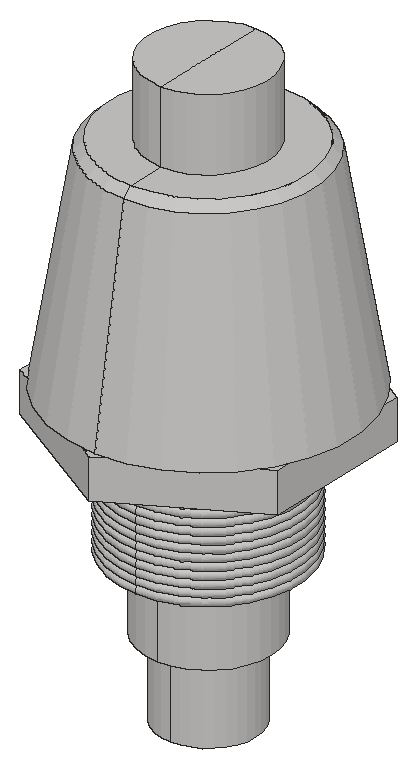
Revit family "BUB263", category Plumbing Fixtures, Revit 2014
Parameters (values of type "BUB263")
  Waste Connection = no
  Vent Connection = no
  URL = "http://www.yepsketch.com"
  Model = "BUB263"  # constant formula
  Material = Stainless Steel
  Manufacturer = "Enware"  # constant formula
  HW Connection = no
  Description = "T48 S/L PILLAR COCK BTN"  # constant formula
  Default Elevation = 1200 mm
  CWFU = 0.5
  CW Connection = yes
  Author = "Yepsketch"  # constant formula
  Assembly Code = "D2020"
Reference planes
  plane 1 "Center (Front/Back)": y = 0
  plane 2: z = 0
  plane 3 "Center (Left/Right)": x = 0
  plane 4: z = -23
  plane 5: z = 42
  plane 6: z = -33
Forms (mm)
  Revolve 1, solid, material "Stainless Steel" <- "Material"
    sketch origin (0, 0, 0) x (0, 1, 0) y (0, 0, 1)
      loop
        line (0, 42) -> (0, 0) -> (0, -33) -> (6.001, -33) -> (6.001, -23) -> (8.001, -23) -> (8.001, -14) -> (11, -14)
        arc (11, -14) -> (11.5, -13.5) -> (11, -13) r 0.5
        arc (11, -13) -> (11.5, -12.5) -> (11, -12) r 0.5
        arc (11, -12) -> (11.5, -11.5) -> (11, -11) r 0.5
        arc (11, -11) -> (11.5, -10.5) -> (11, -10) r 0.5
        arc (11, -10) -> (11.5, -9.5) -> (11, -9) r 0.5
        arc (11, -9) -> (11.5, -8.5) -> (11, -8) r 0.5
        arc (11, -8) -> (11.5, -7.5) -> (11, -7) r 0.5
        arc (11, -7) -> (11.5, -6.5) -> (11, -6) r 0.5
        arc (11, -6) -> (11.5, -5.5) -> (11, -5) r 0.5
        arc (11, -5) -> (11.5, -4.5) -> (11, -4) r 0.5
        arc (11, -4) -> (11.5, -3.5) -> (11, -3) r 0.5
        arc (11, -3) -> (11.5, -2.5) -> (11, -2) r 0.5
        arc (11, -2) -> (11.5, -1.5) -> (11, -1) r 0.5
        arc (11, -1) -> (11.5, -0.5) -> (11, 0) r 0.5
        line (11, 0) -> (15.501, 0) -> (15.501, 5) -> (18.001, 5) -> (13.413, 31.819) -> (12.326, 32.905) -> (7.5, 32.905) -> (7.5, 42) -> (0, 42)
      axis (0, 42) -> (0, -33)
    angle from 0 to 360
  Extrusion 2, solid, material "Stainless Steel" <- "Material"
    sketch origin (0, 0, 0) x (1, 0, 0) y (0, 1, 0)
      loop
        line (0, 18.845) -> (-16.321, 9.423) -> (-16.321, -9.423) -> (0, -18.845) -> (16.321, -9.423) -> (16.321, 9.423) -> (0, 18.845)
    from 5 to 0
Cuts and joins
  joined: Revolve 1, Extrusion 2
Dimensions and locks
  level to plane 4 = 23 mm
  aligned and locked: level to plane 2
Connectors
  piping at (0, 0, -23), diameter 15.9
    settings: on Revolve 1, index 1, connector inside diameter 609.6 mm, connector length 0 mm, flow factor 0, pipe flow 0.0 L/s, pressure drop 0.0 Pa, fitting loss kfactor 0, connector angle 0.00°, fixture units 0.5, engagement length 0 mm, angle of deflection 0.00°, flow configuration 3, flow direction 1, fitting loss method 0, system type 20, joint type 0, gender type 0, connector reference index -1, connector utility 0, adjustable connector no, is connector primary yes, connector description ""
